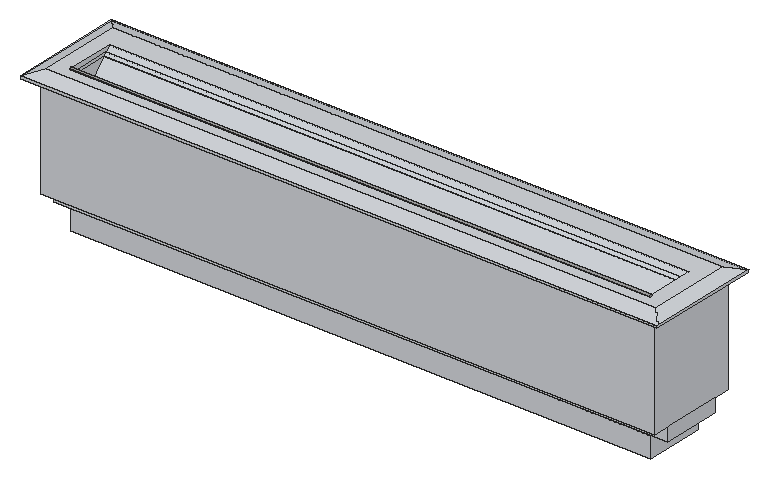
Revit family "2061269 Sylvania Lighting Fixture DOMINO 10xLED 940 OPAL AY TRIM WHITE", category Lighting Fixtures, host Face, Revit 2018
Family settings
  Host = Face
  Round Connector Dimension = Use Diameter
  Part Type = Normal
  OmniClass Number = 23.80.70.00
  OmniClass Title = Lighting
  Cut with Voids When Loaded = No
  Light Source = Yes
  Shared = No
  Room Calculation Point = No
Parameters (values of type "2061269 DOMINO 10XLED 940 OPAL ASYM TR WHT ")
  top top width = 15.812 mm
  top top length = 255 mm
  Width = 50 mm
  Weight = "n/a"
  Wattage Comments = ""
  Wattage = 9.2903 W
  WarrantyStartDate [instance] = "n/a"
  WarrantyGuarantorParts = "n/a"
  WarrantyDurationUnit = "n/a"
  WarrantyDurationParts = ""
  WarrantyDescription = "http://www.sylvania-lighting.com"
  built-in parameter 1150110 = 1 (stored number, unit not read)
  Voltage = 0 V
  URL = "0.95"
  TypeName = "DOMINO 10xLED 940 OPAL AY TRIM WHITE"
  Type Image = <None>
  Type Comments = "n/a"
  built-in parameter 1114217 = 1 (stored number, unit not read)
  Top Width = 26 mm
  Tilt Angle = 90.00°
  built-in parameter 1150109 = 1 (stored number, unit not read)
  built-in parameter 1150134 = 3
  built-in parameter 1150113 = 1 (stored number, unit not read)
  SerialNumber [instance] = "n/a"
  Recessed Width = 43 mm
  Recessed Length = 276 mm
  Photometric Web File = "2061269.ies"
  Material_3_FEILO = none
  PowerFactor = 0
  PowerConsumption = "Lighting"
  NominalLength = 50 mm
  NominalHeight = 0 mm
  NominalDepth = 0 mm
  Name = "DOMINO 10xLED 940 OPAL AY TRIM WHITE"
  ModelReference = Name  # "DOMINO 10xLED 940 OPAL AY TRIM WHITE"
  ModelNumber = "2061269"
  Model = Name  # "DOMINO 10xLED 940 OPAL AY TRIM WHITE"
  Material = "Feilo Sylvania"
  ManufacturerName = "65 lm/W"
  Manufacturer = ""
  LuminousEfficacy = ""
  built-in parameter 1150105 = 109.82 (stored number, unit not read)
  Lumens = 1380 lm
  LuminaireType = "0"
  built-in parameter 1150115 = 1 (stored number, unit not read)
  LightOutputRatio = "LED"
  built-in parameter 1150137 = (empty or 0)
  built-in parameter 1150139 = (empty or 0)
  Lens inside recess = 25 mm
  Lens Width = 32 mm
  Lens Outside recess = 31.978 mm
  Lens = Glass, White, High Luminance
  Length = 280 mm
  LampsType = Lamp  # "n/a"
  LampNominalLuminous = "4000 K"
  LampMacAdamStep = "90"
  LampColourTemperature = "LED"
  LampColourRenderingIndex = "16500"
  built-in parameter 1150112 = 1 (stored number, unit not read)
  built-in parameter 1150114 = 1 (stored number, unit not read)
  Lamp = "n/a"
  Keynote = "n/a"
  InstallationDate [instance] = "n/a"
  InputVoltage = "0"
  InputNominalFrequency = "4000"
  built-in parameter 1150132 = (empty or 0)
  built-in parameter 1150102 = (empty or 0)
  built-in parameter 1150107 = 3200 (stored number, unit not read)
  built-in parameter 1150138 = (empty or 0)
  IngressProtection = "IfcLightFixtureType"
  ImpactProtectionIndex = "IfcLightFixtureType"
  built-in parameter 1150106 = 1.0982 (stored number, unit not read)
  IfcExportType = "IfcLightFixtureType"
  IfcExportAs = "Class II"
  Facia internal width = 37 mm
  Facia internal length = 268 mm
  Facia Height = 2 mm
  ExpectedLife = 50000
  Emit from Circle Diameter = 609.6 mm
  Emit Shape Visible in Rendering = no
  ElectricShockClassification = "65"
  built-in parameter 1150104 = 13.8 (stored number, unit not read)
  DurationUnit = "hours"
  DocumentationLiterature = "http://www.sylvania-lighting.com/product/en-int/products/2061269"
  DimmingControlOptions = "n/a"
  Material_2_FEILO = none
  Dimming Lamp Color Temperature Shift = <None>
  Description = "Modular LED recessed linear spotlight, ideal for retail and hospitality applications. Die-cast aluminium body, passive cooling. Two levels of reflector installation, low glaring. 10x LED source, asymmetric beam angle , optics: PMMA lens and polycarbonate reflector combination, opaline diffuser. Light color temperature: 4000K neutral white, total system power: 23W , total fixture lumen output: 1475lm, efficacy: 65 lm/W, Ra90 typical, LED chromacity: 3 step MacAdam ellipse (SDCM3), lifespan: 96,000 hours at 90% of the original output (L90B10), IR/UV free light source without heat radiation, operating voltage: 220-240V / 50-60Hz, electronic driver, ultra low flicker, non-dimmable , electrical protection: Class II. Degree of Protection: IP40/IP20, suitable for indoor environment only. Ceiling cut-out: 43x43mm, outer dimensions:  280x50mm trim frame RAL 9016 - Traffic white / Bezel color.5 years Warranty."
  Default Elevation = 1219.2 mm
  CreatedOn = "23/02/2021"
  CreatedBy = "@sylvania-lighting.com"
  Cost = 0
  Color Filter = 16777215
  built-in parameter 1114216 [instance] = (empty or 0)
  ClassificationValue = "EF_70_80"
  ClassificationName = "Uniclass2015"
  Material_1_FEILO = none
  Body Width = 40 mm
  Body Length = 270 mm
  BarCode [instance] = "n/a"
  built-in parameter 1114218 = 1 (stored number, unit not read)
  built-in parameter 1150133 = 10 (stored number, unit not read)
  AssetType = "Fixed"
  AssetIdentifier [instance] = "n/a"
  Assembly Code = "D5020200"
  Apparent Load = 23 VA
  Material_4_FEILO = none
Reference planes
  plane 1 "Center (Front/Back)": y = 0
  plane 2: z = 0
  plane 3 "Center (Left/Right)": x = 0
  plane 4: z = 0
  plane 5: z = -7
  plane 6: z = -45.895
  plane 7: z = -51.895
  plane 8: z = -60.895
  plane 9: x = -138
  plane 10: x = 138
  plane 11: y = 21.5
  plane 12: y = -21.5
  plane 13: x = -140
  plane 14: x = 140
  plane 15: y = 25
  plane 16: y = -25
  plane 17: x = 134
  plane 18: x = -134
  plane 19: y = 18.5
  plane 20: y = -18.5
  plane 21: z = 2
  plane 22: x = -135
  plane 23: x = 135
  plane 24: y = 20
  plane 25: y = -20
  plane 26: y = 13
  plane 27: y = -13
  plane 28: x = 127.5
  plane 29: x = -127.5
  plane 30: x = -132
  plane 31: y = 16.5
  plane 32: y = -16.472
  plane 33: y = 13
  plane 34: y = -12.972
  plane 35: x = 129.7
  plane 36: x = 127.224
  plane 37: y = 11
  plane 38: y = -18.5
  plane 39: y = 8.5
  plane 40: y = -13.5
  plane 41: y = -4.5
Forms (mm)
  Extrusion 1, solid, not visible, detail levels medium+fine
    sketch origin (4.2, 0, 0) x (1, 0, 0) y (0, 1, 0)
      loop
        line (-29.2, 34.5) -> (-29.2, -34.5) -> (20.8, -34.5) -> (20.8, 34.5) -> (-29.2, 34.5)
    from 0 to 1
  Extrusion 2, solid, not visible, detail levels medium+fine
    sketch origin (4.044, 0, 0) x (1, 0, 0) y (0, 1, 0)
      loop
        line (-29.2, 34.5) -> (-29.2, -34.5) -> (20.8, -34.5) -> (20.8, 34.5) -> (-29.2, 34.5)
    from 0 to 1
  Blend 3, solid, not visible, detail levels medium+fine
    base sketch origin (4.2, 0, 0) x (1, 0, 0) y (0, 1, 0)
      loop
        line (-29.2, 34.5) -> (-29.2, -34.5) -> (20.8, -34.5) -> (20.8, 34.5) -> (-29.2, 34.5)
    top sketch origin (4.2, 0, 0) x (1, 0, 0) y (0, 1, 0)
      loop
        line (-21.7, 28) -> (-21.7, -28) -> (13.3, -28) -> (13.3, 28) -> (-21.7, 28)
    from 1 to 3
  Extrusion 4, solid, not visible, detail levels medium+fine
    sketch origin (3.419, 0, 0) x (1, 0, 0) y (0, 1, 0)
      loop
        line (-29.2, 34.5) -> (-29.2, -34.5) -> (20.8, -34.5) -> (20.8, 34.5) -> (-29.2, 34.5)
    from 0 to 1
  Blend 5, solid, not visible, detail levels medium+fine
    base sketch origin (3.575, 0, 0) x (1, 0, 0) y (0, 1, 0)
      loop
        line (-29.2, 34.5) -> (-29.2, -34.5) -> (20.8, -34.5) -> (20.8, 34.5) -> (-29.2, 34.5)
    top sketch origin (3.575, 0, 0) x (1, 0, 0) y (0, 1, 0)
      loop
        line (-21.7, 28) -> (-21.7, -28) -> (13.3, -28) -> (13.3, 28) -> (-21.7, 28)
    from 1 to 3
  Extrusion 6, solid, not visible, detail levels medium+fine
    sketch origin (4.247, 0, 0) x (1, 0, 0) y (0, 1, 0)
      loop
        line (-29.2, 34.5) -> (-29.2, -34.5) -> (20.8, -34.5) -> (20.8, 34.5) -> (-29.2, 34.5)
    from 0 to 1
  Blend 7, solid, not visible, detail levels medium+fine
    base sketch origin (4.403, 0, 0) x (1, 0, 0) y (0, 1, 0)
      loop
        line (-29.2, 34.5) -> (-29.2, -34.5) -> (20.8, -34.5) -> (20.8, 34.5) -> (-29.2, 34.5)
    top sketch origin (4.403, 0, 0) x (1, 0, 0) y (0, 1, 0)
      loop
        line (-21.7, 28) -> (-21.7, -28) -> (13.3, -28) -> (13.3, 28) -> (-21.7, 28)
    from 1 to 3
  Extrusion 8, void, detail levels medium+fine
    sketch origin (4.2, 0, 0) x (0, 1, 0) y (1, 0, 0)
      loop
        line (21.5, -142.2) -> (21.5, 133.8) -> (-21.5, 133.8) -> (-21.5, -142.2) -> (21.5, -142.2)
    from -9.934 to 83.097
  Extrusion 9, solid, detail levels medium+fine
    sketch origin (4.2, 0, 0) x (1, 0, 0) y (0, 1, 0)
      loop
        line (-144.2, 25) -> (-144.2, -25) -> (135.8, -25) -> (135.8, 25) -> (-144.2, 25)
    from 0 to 1
  Extrusion 10, solid, detail levels medium+fine
    sketch origin (4.2, 0, 0) x (1, 0, 0) y (0, 1, 0)
      loop
        line (-139.2, 20) -> (-139.2, -20) -> (130.8, -20) -> (130.8, 20) -> (-139.2, 20)
    from 0 to -45.895
  Extrusion 11, solid, detail levels medium+fine
    sketch origin (4.2, 0, 0) x (1, 0, 0) y (0, 1, 0)
      loop
        line (-139.2, 13) -> (-139.2, -13) -> (130.8, -13) -> (130.8, 13) -> (-139.2, 13)
    from -51.895 to -45.895
  Blend 12, solid, detail levels medium+fine
    base sketch origin (4.2, 0, 0) x (1, 0, 0) y (0, 1, 0)
      loop
        line (-144.2, 25) -> (-144.2, -25) -> (135.8, -25) -> (135.8, 25) -> (-144.2, 25)
    top sketch origin (4.2, 0, 0) x (1, 0, 0) y (0, 1, 0)
      loop
        line (-138.2, 18.5) -> (-138.2, -18.5) -> (129.8, -18.5) -> (129.8, 18.5) -> (-138.2, 18.5)
    from 1 to 3
  Extrusion 13, solid, detail levels fine
    sketch origin (0, 0, 0) x (1, 0, 0) y (0, 0, 1)
      loop
        line (-127.5, -51.895) -> (-127.5, -60.895) -> (127.5, -60.895) -> (127.5, -51.895) -> (-127.5, -51.895)
    from -13 to 13
  Blend 14, void
    base sketch origin (174.42, 0, 0) x (0, 1, 0) y (-1, 0, 0)
      loop
        line (8.5, 301.92) -> (-13.5, 301.92) -> (-13.5, 47.196) -> (8.5, 47.196) -> (8.5, 301.92)
    top sketch origin (174.42, 0, 0) x (0, 1, 0) y (-1, 0, 0)
      loop
        line (-3.641, 301.92) -> (-4.5, 301.92) -> (-4.5, 47.196) -> (-3.641, 47.196) -> (-3.641, 301.92)
    from 3 to -9.242
  Extrusion 15, solid, detail levels coarse
    sketch origin (4.2, 0, 0) x (1, 0, 0) y (0, 1, 0)
      loop
        line (-144.2, 25) -> (-144.2, -25) -> (135.8, -25) -> (135.8, 25) -> (-144.2, 25)
    from -60.895 to 3
  Extrusion 16, solid, material "Glass, White, High Luminance", detail levels fine
    sketch origin (0, 0, 0) x (0, 1, 0) y (0, 0, 1)
      loop
        line (-4.5, -9.242) -> (-3.698, -8.653) -> (-12.698, 3.59) -> (-13.5, 3) -> (-4.5, -9.242)
    from -127.5 to 127.5
Cuts and joins
  Blend 14 cuts Extrusion 9
  Blend 14 cuts Extrusion 10
  Blend 14 cuts Blend 12
Dimensions and locks
  "Recessed Length": plane 9 to plane 10
  equal spacing: plane 9, plane 3 "Center (Left/Right)", plane 10
  "Length": plane 13 to plane 14
  equal spacing: plane 13, plane 3 "Center (Left/Right)", plane 14
  "Recessed Width": plane 11 to plane 12
  equal spacing: plane 11, plane 1 "Center (Front/Back)", plane 12
  "Width": plane 15 to plane 16
  equal spacing: plane 15, plane 1 "Center (Front/Back)", plane 16
  "Facia internal length": plane 18 to plane 17
  equal spacing: plane 18, plane 3 "Center (Left/Right)", plane 17
  "Facia internal width": plane 19 to plane 20
  equal spacing: plane 19, plane 1 "Center (Front/Back)", plane 20
  "Facia Height": plane 21 to host face
  "Body Length": plane 22 to plane 23
  equal spacing: plane 22, plane 3 "Center (Left/Right)", plane 23
  "Body Width": plane 24 to plane 25
  equal spacing: plane 24, plane 1 "Center (Front/Back)", plane 25
  "Top Width": plane 26 to plane 27
  equal spacing: plane 26, plane 1 "Center (Front/Back)", plane 27
  "top top length": plane 29 to plane 28
  equal spacing: plane 29, plane 3 "Center (Left/Right)", plane 28  (x2)
  plane 28 to plane 29 = 255 mm
  equal spacing: plane 28, plane 3 "Center (Left/Right)", plane 29
  aligned and locked: plane 2 to host face
  aligned and locked: level to host face
  aligned and locked: Extrusion 11 to plane 7
  aligned and locked: Extrusion 10 to plane 6
Automatic sketch dimensions
  Extrusion 1 sketch curve to Extrusion 1 sketch curve = 50 mm
  Extrusion 1 sketch curve to Extrusion 1 sketch curve = 69 mm
  Extrusion 2 sketch curve to Extrusion 2 sketch curve = 50 mm
  Extrusion 2 sketch curve to Extrusion 2 sketch curve = 69 mm
  Blend 3 sketch curve to Blend 3 sketch curve = 50 mm
  Blend 3 sketch curve to Blend 3 sketch curve = 69 mm
  Blend 3 sketch curve to Blend 3 sketch curve = 35 mm
  Blend 3 sketch curve to Blend 3 sketch curve = 56 mm
  Extrusion 4 sketch curve to Extrusion 4 sketch curve = 50 mm
  Extrusion 4 sketch curve to Extrusion 4 sketch curve = 69 mm
  Blend 5 sketch curve to Blend 5 sketch curve = 50 mm
  Blend 5 sketch curve to Blend 5 sketch curve = 69 mm
  Blend 5 sketch curve to Blend 5 sketch curve = 35 mm
  Blend 5 sketch curve to Blend 5 sketch curve = 56 mm
  Extrusion 6 sketch curve to Extrusion 6 sketch curve = 50 mm
  Extrusion 6 sketch curve to Extrusion 6 sketch curve = 69 mm
  Blend 7 sketch curve to Blend 7 sketch curve = 50 mm
  Blend 7 sketch curve to Blend 7 sketch curve = 69 mm
  Blend 7 sketch curve to Blend 7 sketch curve = 35 mm
  Blend 7 sketch curve to Blend 7 sketch curve = 56 mm
  host sketch curve to host sketch curve = 2438.4 mm  (x2)
  Extrusion 8 sketch curve to plane 9 = 0 mm
  Extrusion 8 sketch curve to plane 12 = 0 mm
  Extrusion 8 sketch curve to plane 11 = 0 mm
  Extrusion 8 sketch curve to plane 10 = 0 mm
  Extrusion 9 sketch curve to plane 13 = 0 mm
  Extrusion 9 sketch curve to plane 14 = 0 mm
  Extrusion 9 sketch curve to plane 16 = 0 mm
  Extrusion 9 sketch curve to plane 15 = 0 mm
  Extrusion 10 sketch curve to plane 22 = 0 mm
  Extrusion 10 sketch curve to plane 23 = 0 mm
  Extrusion 10 sketch curve to plane 25 = 0 mm
  Extrusion 10 sketch curve to plane 24 = 0 mm
  Extrusion 11 sketch curve to plane 22 = 0 mm
  Extrusion 11 sketch curve to plane 23 = 0 mm
  Extrusion 11 sketch curve to plane 27 = 0 mm
  plane 26 to Extrusion 11 sketch curve = 0 mm
  Blend 12 sketch curve to plane 13 = 0 mm
  Blend 12 sketch curve to plane 14 = 0 mm
  Blend 12 sketch curve to plane 16 = 0 mm
  Blend 12 sketch curve to plane 15 = 0 mm
  Blend 12 sketch curve to plane 18 = 0 mm
  Blend 12 sketch curve to plane 17 = 0 mm
  Blend 12 sketch curve to plane 20 = 0 mm
  Blend 12 sketch curve to plane 19 = 0 mm
  Extrusion 13 sketch curve to plane 8 = 0 mm
  Extrusion 13 sketch curve to plane 29 = 0 mm
  Extrusion 13 sketch curve to plane 28 = 0 mm
  Extrusion 13 sketch curve to plane 7 = 0 mm
  Extrusion 15 sketch curve to plane 13 = 0 mm
  Extrusion 15 sketch curve to plane 14 = 0 mm
  Extrusion 15 sketch curve to plane 16 = 0 mm
  Extrusion 15 sketch curve to plane 15 = 0 mm
  Blend 14 sketch curve to plane 29 = 0 mm  (x2)
  Blend 14 sketch curve to plane 40 = 0 mm
  Blend 14 sketch curve to plane 39 = 0 mm
  Blend 14 sketch curve to plane 36 = 0 mm  (x2)
  Blend 14 sketch curve to plane 41 = 0 mm
  plane 41 to Blend 14 sketch curve = 0.859 mm
  Extrusion 16 sketch curve to plane 40 = 0 mm
  Extrusion 16 sketch curve to plane 41 = 0 mm
  plane 34 to Extrusion 16 sketch curve = 0.274 mm
  plane 21 to Extrusion 16 sketch curve = 1 mm
  Extrusion 16 sketch curve to Extrusion 16 sketch curve = 0.59 mm
Connectors
  electrical at (0, 0, -60.895)
    settings: on Extrusion 13, index 1, voltage 0 V, apparent load 0 VA, apparent load phase1 0 VA, apparent load phase2 0 VA, apparent load phase3 0 VA, power factor 1, load classification "Other", number of poles 1, system type 31, power factor state 1, is connector primary yes, connector utility no, sub classification motor no, connector description ""
